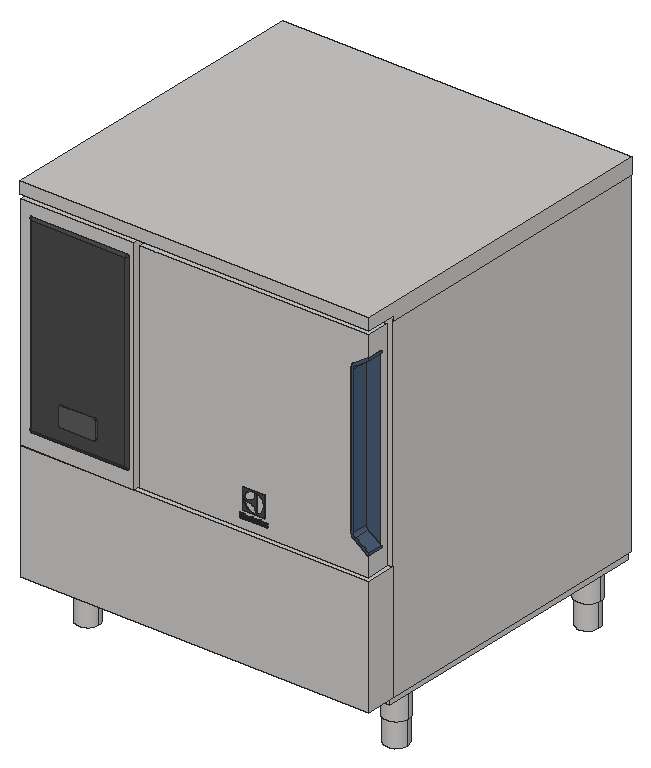
Revit family "QF_ELECTROLUXPROFESSIONAL_727905_EBFA61THE", category Specialty Equipment, Revit 2018 (continued)
Automatic sketch dimensions
  Split face 50 sketch curve to Extrusion 6 = 47.731 mm
  Split face 50 sketch curve to Split face 50 sketch curve = 110.015 mm
  Split face 51 sketch curve to Extrusion 6 = 43.286 mm
  Split face 51 sketch curve to Extrusion 6 = 377.596 mm
  Split face 51 sketch curve to Extrusion 6 = 38.259 mm
  Split face 51 sketch curve to Split face 51 sketch curve = 110.015 mm
  Split face 52 sketch curve to Extrusion 6 = 33.814 mm
  Split face 52 sketch curve to Extrusion 6 = 377.596 mm
  Split face 52 sketch curve to Extrusion 6 = 28.787 mm
  Split face 52 sketch curve to Split face 52 sketch curve = 110.015 mm
  Split face 53 sketch curve to Extrusion 6 = 31.361 mm
  Split face 53 sketch curve to Extrusion 6 = 262.581 mm
  Split face 53 sketch curve to Extrusion 6 = 36.388 mm
  Split face 53 sketch curve to Split face 53 sketch curve = 110.015 mm
  Split face 54 sketch curve to Extrusion 6 = 40.833 mm
  Split face 54 sketch curve to Extrusion 6 = 262.581 mm
  Split face 54 sketch curve to Extrusion 6 = 45.86 mm
  Split face 54 sketch curve to Split face 54 sketch curve = 110.015 mm
  Split face 55 sketch curve to Extrusion 6 = 50.305 mm
  Split face 55 sketch curve to Extrusion 6 = 262.581 mm
  Split face 55 sketch curve to Split face 55 sketch curve = 110.015 mm
  Split face 55 sketch curve to Split face 55 sketch curve = 5.027 mm
  Split face 56 sketch curve to Extrusion 6 = 59.777 mm
  Split face 56 sketch curve to Extrusion 6 = 262.581 mm
  Split face 56 sketch curve to Split face 56 sketch curve = 110.015 mm
  Split face 56 sketch curve to Split face 56 sketch curve = 5.027 mm
  Split face 57 sketch curve to Extrusion 6 = 69.25 mm
  Split face 57 sketch curve to Extrusion 6 = 262.581 mm
  Split face 57 sketch curve to Split face 57 sketch curve = 110.015 mm
  Split face 57 sketch curve to Split face 57 sketch curve = 5.027 mm
  Split face 58 sketch curve to Extrusion 6 = 78.722 mm
  Split face 58 sketch curve to Extrusion 6 = 262.581 mm
  Split face 58 sketch curve to Split face 58 sketch curve = 110.015 mm
  Split face 58 sketch curve to Split face 58 sketch curve = 5.027 mm
  Split face 59 sketch curve to Extrusion 6 = 88.194 mm
  Split face 59 sketch curve to Extrusion 6 = 262.581 mm
  Split face 59 sketch curve to Split face 59 sketch curve = 110.015 mm
  Split face 59 sketch curve to Split face 59 sketch curve = 5.027 mm
  Split face 60 sketch curve to Extrusion 6 = 97.666 mm
  Split face 60 sketch curve to Extrusion 6 = 262.581 mm
  Split face 60 sketch curve to Split face 60 sketch curve = 110.015 mm
  Split face 60 sketch curve to Split face 60 sketch curve = 5.027 mm
  Split face 61 sketch curve to Extrusion 6 = 107.138 mm
  Split face 61 sketch curve to Extrusion 6 = 262.581 mm
  Split face 61 sketch curve to Split face 61 sketch curve = 110.015 mm
  Split face 61 sketch curve to Split face 61 sketch curve = 5.027 mm
  Split face 62 sketch curve to Extrusion 6 = 116.611 mm
  Split face 62 sketch curve to Extrusion 6 = 262.581 mm
  Split face 62 sketch curve to Split face 62 sketch curve = 110.015 mm
  Split face 62 sketch curve to Split face 62 sketch curve = 5.027 mm
  Split face 63 sketch curve to Extrusion 6 = 126.083 mm
  Split face 63 sketch curve to Extrusion 6 = 262.581 mm
  Split face 63 sketch curve to Split face 63 sketch curve = 110.015 mm
  Split face 63 sketch curve to Split face 63 sketch curve = 5.027 mm
  Split face 64 sketch curve to Extrusion 6 = 262.581 mm
  Split face 64 sketch curve to Split face 64 sketch curve = 110.015 mm
  Split face 64 sketch curve to Extrusion 6 = 135.555 mm
  Split face 64 sketch curve to Split face 64 sketch curve = 5.027 mm
  Split face 65 sketch curve to Extrusion 6 = 262.581 mm
  Split face 65 sketch curve to Split face 65 sketch curve = 110.015 mm
  Split face 65 sketch curve to Extrusion 6 = 145.027 mm
  Split face 65 sketch curve to Split face 65 sketch curve = 5.027 mm
  Split face 66 sketch curve to Extrusion 6 = 262.581 mm
  Split face 66 sketch curve to Split face 66 sketch curve = 110.015 mm
  Split face 66 sketch curve to Extrusion 6 = 147.48 mm
  Split face 66 sketch curve to Split face 66 sketch curve = 5.027 mm
  Split face 67 sketch curve to Extrusion 6 = 262.581 mm
  Split face 67 sketch curve to Split face 67 sketch curve = 110.015 mm
  Split face 67 sketch curve to Extrusion 6 = 138.008 mm
  Split face 67 sketch curve to Split face 67 sketch curve = 5.027 mm
  Split face 68 sketch curve to Extrusion 6 = 128.536 mm
  Split face 68 sketch curve to Extrusion 6 = 262.581 mm
  Split face 68 sketch curve to Split face 68 sketch curve = 110.015 mm
  Split face 68 sketch curve to Split face 68 sketch curve = 5.027 mm
  Split face 69 sketch curve to Extrusion 6 = 119.064 mm
  Split face 69 sketch curve to Extrusion 6 = 262.581 mm
  Split face 69 sketch curve to Split face 69 sketch curve = 110.015 mm
  Split face 69 sketch curve to Split face 69 sketch curve = 5.027 mm
  Split face 70 sketch curve to Extrusion 6 = 109.592 mm
  Split face 70 sketch curve to Extrusion 6 = 262.581 mm
  Split face 70 sketch curve to Split face 70 sketch curve = 110.015 mm
  Split face 70 sketch curve to Split face 70 sketch curve = 5.027 mm
  Split face 71 sketch curve to Extrusion 6 = 100.119 mm
  Split face 71 sketch curve to Extrusion 6 = 262.581 mm
  Split face 71 sketch curve to Split face 71 sketch curve = 110.015 mm
  Split face 71 sketch curve to Split face 71 sketch curve = 5.027 mm
  Split face 72 sketch curve to Extrusion 6 = 90.647 mm
  Split face 72 sketch curve to Extrusion 6 = 262.581 mm
  Split face 72 sketch curve to Split face 72 sketch curve = 110.015 mm
  Split face 72 sketch curve to Split face 72 sketch curve = 5.027 mm
  Split face 73 sketch curve to Extrusion 6 = 81.175 mm
  Split face 73 sketch curve to Extrusion 6 = 262.581 mm
  Split face 73 sketch curve to Split face 73 sketch curve = 110.015 mm
  Split face 73 sketch curve to Split face 73 sketch curve = 5.027 mm
  Split face 74 sketch curve to Extrusion 6 = 71.703 mm
  Split face 74 sketch curve to Extrusion 6 = 262.581 mm
  Split face 74 sketch curve to Split face 74 sketch curve = 110.015 mm
  Split face 74 sketch curve to Split face 74 sketch curve = 5.027 mm
  Split face 75 sketch curve to Extrusion 6 = 62.231 mm
  Split face 75 sketch curve to Extrusion 6 = 262.581 mm
  Split face 75 sketch curve to Split face 75 sketch curve = 110.015 mm
  Split face 75 sketch curve to Split face 75 sketch curve = 5.027 mm
  Split face 76 sketch curve to Extrusion 6 = 52.758 mm
  Split face 76 sketch curve to Extrusion 6 = 262.581 mm
  Split face 76 sketch curve to Extrusion 6 = 47.731 mm
  Split face 76 sketch curve to Split face 76 sketch curve = 110.015 mm
  Split face 77 sketch curve to Extrusion 6 = 43.286 mm
  Split face 77 sketch curve to Extrusion 6 = 262.581 mm
  Split face 77 sketch curve to Extrusion 6 = 38.259 mm
  Split face 77 sketch curve to Split face 77 sketch curve = 110.015 mm
  Split face 78 sketch curve to Extrusion 6 = 33.814 mm
  Split face 78 sketch curve to Extrusion 6 = 262.581 mm
  Split face 78 sketch curve to Extrusion 6 = 28.787 mm
  Split face 78 sketch curve to Split face 78 sketch curve = 110.015 mm
  Split face 79 sketch curve to Extrusion 6 = 31.361 mm
  Split face 79 sketch curve to Extrusion 6 = 147.565 mm
  Split face 79 sketch curve to Extrusion 6 = 36.388 mm
  Split face 79 sketch curve to Split face 79 sketch curve = 110.015 mm
  Split face 80 sketch curve to Extrusion 6 = 40.833 mm
  Split face 80 sketch curve to Extrusion 6 = 147.565 mm
  Split face 80 sketch curve to Extrusion 6 = 45.86 mm
  Split face 80 sketch curve to Split face 80 sketch curve = 110.015 mm
  Split face 81 sketch curve to Extrusion 6 = 50.305 mm
  Split face 81 sketch curve to Extrusion 6 = 147.565 mm
  Split face 81 sketch curve to Split face 81 sketch curve = 110.015 mm
  Split face 81 sketch curve to Split face 81 sketch curve = 5.027 mm
  Split face 82 sketch curve to Extrusion 6 = 59.777 mm
  Split face 82 sketch curve to Extrusion 6 = 147.565 mm
  Split face 82 sketch curve to Split face 82 sketch curve = 110.015 mm
  Split face 82 sketch curve to Split face 82 sketch curve = 5.027 mm
  Split face 83 sketch curve to Extrusion 6 = 69.25 mm
  Split face 83 sketch curve to Extrusion 6 = 147.565 mm
  Split face 83 sketch curve to Split face 83 sketch curve = 110.015 mm
  Split face 83 sketch curve to Split face 83 sketch curve = 5.027 mm
  Split face 84 sketch curve to Extrusion 6 = 147.565 mm
  Split face 84 sketch curve to Split face 84 sketch curve = 110.015 mm
  Split face 84 sketch curve to Extrusion 6 = 78.722 mm
  Split face 84 sketch curve to Split face 84 sketch curve = 5.027 mm
  Split face 85 sketch curve to Extrusion 6 = 147.565 mm
  Split face 85 sketch curve to Split face 85 sketch curve = 110.015 mm
  Split face 85 sketch curve to Extrusion 6 = 88.194 mm
  Split face 85 sketch curve to Split face 85 sketch curve = 5.027 mm
  Split face 86 sketch curve to Extrusion 6 = 147.565 mm
  Split face 86 sketch curve to Split face 86 sketch curve = 110.015 mm
  Split face 86 sketch curve to Extrusion 6 = 97.666 mm
  Split face 86 sketch curve to Split face 86 sketch curve = 5.027 mm
  Split face 87 sketch curve to Extrusion 6 = 147.565 mm
  Split face 87 sketch curve to Split face 87 sketch curve = 110.015 mm
  Split face 87 sketch curve to Extrusion 6 = 107.138 mm
  Split face 87 sketch curve to Split face 87 sketch curve = 5.027 mm
  Split face 88 sketch curve to Extrusion 6 = 147.565 mm
  Split face 88 sketch curve to Split face 88 sketch curve = 110.015 mm
  Split face 88 sketch curve to Extrusion 6 = 116.611 mm
  Split face 88 sketch curve to Split face 88 sketch curve = 5.027 mm
  Split face 89 sketch curve to Extrusion 6 = 147.565 mm
  Split face 89 sketch curve to Split face 89 sketch curve = 110.015 mm
  Split face 89 sketch curve to Extrusion 6 = 126.083 mm
  Split face 89 sketch curve to Split face 89 sketch curve = 5.027 mm
  Split face 90 sketch curve to Extrusion 6 = 147.565 mm
  Split face 90 sketch curve to Split face 90 sketch curve = 110.015 mm
  Split face 90 sketch curve to Extrusion 6 = 135.555 mm
  Split face 90 sketch curve to Split face 90 sketch curve = 5.027 mm
  Split face 91 sketch curve to Extrusion 6 = 147.565 mm
  Split face 91 sketch curve to Split face 91 sketch curve = 110.015 mm
  Split face 91 sketch curve to Extrusion 6 = 145.027 mm
  Split face 91 sketch curve to Split face 91 sketch curve = 5.027 mm
  Split face 92 sketch curve to Extrusion 6 = 147.565 mm
  Split face 92 sketch curve to Split face 92 sketch curve = 110.015 mm
  Split face 92 sketch curve to Extrusion 6 = 147.48 mm
  Split face 92 sketch curve to Split face 92 sketch curve = 5.027 mm
  Split face 93 sketch curve to Extrusion 6 = 147.565 mm
  Split face 93 sketch curve to Split face 93 sketch curve = 110.015 mm
  Split face 93 sketch curve to Extrusion 6 = 138.008 mm
  Split face 93 sketch curve to Split face 93 sketch curve = 5.027 mm
  Split face 94 sketch curve to Extrusion 6 = 147.565 mm
  Split face 94 sketch curve to Split face 94 sketch curve = 110.015 mm
  Split face 94 sketch curve to Extrusion 6 = 128.536 mm
  Split face 94 sketch curve to Split face 94 sketch curve = 5.027 mm
  Split face 95 sketch curve to Extrusion 6 = 147.565 mm
  Split face 95 sketch curve to Split face 95 sketch curve = 110.015 mm
  Split face 95 sketch curve to Extrusion 6 = 119.064 mm
  Split face 95 sketch curve to Split face 95 sketch curve = 5.027 mm
  Split face 96 sketch curve to Extrusion 6 = 147.565 mm
  Split face 96 sketch curve to Split face 96 sketch curve = 110.015 mm
  Split face 96 sketch curve to Extrusion 6 = 109.592 mm
  Split face 96 sketch curve to Split face 96 sketch curve = 5.027 mm
  Split face 97 sketch curve to Extrusion 6 = 147.565 mm
  Split face 97 sketch curve to Split face 97 sketch curve = 110.015 mm
  Split face 97 sketch curve to Extrusion 6 = 100.119 mm
  Split face 97 sketch curve to Split face 97 sketch curve = 5.027 mm
  Split face 98 sketch curve to Extrusion 6 = 147.565 mm
  Split face 98 sketch curve to Split face 98 sketch curve = 110.015 mm
  Split face 98 sketch curve to Extrusion 6 = 90.647 mm
  Split face 98 sketch curve to Split face 98 sketch curve = 5.027 mm
  Split face 99 sketch curve to Extrusion 6 = 147.565 mm
  Split face 99 sketch curve to Split face 99 sketch curve = 110.015 mm
  Split face 99 sketch curve to Extrusion 6 = 81.175 mm
  Split face 99 sketch curve to Split face 99 sketch curve = 5.027 mm
  Split face 100 sketch curve to Extrusion 6 = 71.703 mm
  Split face 100 sketch curve to Extrusion 6 = 147.565 mm
  Split face 100 sketch curve to Split face 100 sketch curve = 110.015 mm
  Split face 100 sketch curve to Split face 100 sketch curve = 5.027 mm
  Split face 101 sketch curve to Extrusion 6 = 62.231 mm
  Split face 101 sketch curve to Extrusion 6 = 147.565 mm
  Split face 101 sketch curve to Split face 101 sketch curve = 110.015 mm
  Split face 101 sketch curve to Split face 101 sketch curve = 5.027 mm
  Split face 102 sketch curve to Extrusion 6 = 52.758 mm
  Split face 102 sketch curve to Extrusion 6 = 147.565 mm
  Split face 102 sketch curve to Extrusion 6 = 47.731 mm
  Split face 102 sketch curve to Split face 102 sketch curve = 110.015 mm
  Split face 103 sketch curve to Extrusion 6 = 43.286 mm
  Split face 103 sketch curve to Extrusion 6 = 147.565 mm
  Split face 103 sketch curve to Extrusion 6 = 38.259 mm
  Split face 103 sketch curve to Split face 103 sketch curve = 110.015 mm
  Split face 104 sketch curve to Extrusion 6 = 33.814 mm
  Split face 104 sketch curve to Extrusion 6 = 147.565 mm
  Split face 104 sketch curve to Extrusion 6 = 28.787 mm
  Split face 104 sketch curve to Split face 104 sketch curve = 110.015 mm
  Split face 105 sketch curve to Extrusion 6 = 32.55 mm
  Split face 105 sketch curve to Extrusion 6 = 36.388 mm
  Split face 105 sketch curve to Split face 105 sketch curve = 110.015 mm
  Split face 105 sketch curve to Split face 105 sketch curve = 5.027 mm
  Split face 106 sketch curve to Extrusion 6 = 32.55 mm
  Split face 106 sketch curve to Extrusion 6 = 45.86 mm
  Split face 106 sketch curve to Split face 106 sketch curve = 110.015 mm
  Split face 106 sketch curve to Split face 106 sketch curve = 5.027 mm
  Split face 107 sketch curve to Extrusion 6 = 32.55 mm
  Split face 107 sketch curve to Split face 107 sketch curve = 110.015 mm
  Split face 107 sketch curve to Extrusion 6 = 50.305 mm
  Split face 107 sketch curve to Split face 107 sketch curve = 5.027 mm
  Split face 108 sketch curve to Extrusion 6 = 32.55 mm
  Split face 108 sketch curve to Split face 108 sketch curve = 110.015 mm
  Split face 108 sketch curve to Extrusion 6 = 59.777 mm
  Split face 108 sketch curve to Split face 108 sketch curve = 5.027 mm
  Split face 109 sketch curve to Extrusion 6 = 32.55 mm
  Split face 109 sketch curve to Split face 109 sketch curve = 110.015 mm
  Split face 109 sketch curve to Extrusion 6 = 69.25 mm
  Split face 109 sketch curve to Split face 109 sketch curve = 5.027 mm
  Split face 110 sketch curve to Extrusion 6 = 32.55 mm
  Split face 110 sketch curve to Split face 110 sketch curve = 110.015 mm
  Split face 110 sketch curve to Extrusion 6 = 78.722 mm
  Split face 110 sketch curve to Split face 110 sketch curve = 5.027 mm
  Split face 111 sketch curve to Extrusion 6 = 32.55 mm
  Split face 111 sketch curve to Split face 111 sketch curve = 110.015 mm
  Split face 111 sketch curve to Extrusion 6 = 88.194 mm
  Split face 111 sketch curve to Split face 111 sketch curve = 5.027 mm
  Split face 112 sketch curve to Extrusion 6 = 32.55 mm
  Split face 112 sketch curve to Split face 112 sketch curve = 110.015 mm
  Split face 112 sketch curve to Extrusion 6 = 97.666 mm
  Split face 112 sketch curve to Split face 112 sketch curve = 5.027 mm
  Split face 113 sketch curve to Extrusion 6 = 32.55 mm
  Split face 113 sketch curve to Split face 113 sketch curve = 110.015 mm
  Split face 113 sketch curve to Extrusion 6 = 107.138 mm
  Split face 113 sketch curve to Split face 113 sketch curve = 5.027 mm
  Split face 114 sketch curve to Extrusion 6 = 32.55 mm
  Split face 114 sketch curve to Split face 114 sketch curve = 110.015 mm
  Split face 114 sketch curve to Extrusion 6 = 116.611 mm
  Split face 114 sketch curve to Split face 114 sketch curve = 5.027 mm
  Split face 115 sketch curve to Extrusion 6 = 32.55 mm
  Split face 115 sketch curve to Split face 115 sketch curve = 110.015 mm
  Split face 115 sketch curve to Extrusion 6 = 126.083 mm
  Split face 115 sketch curve to Split face 115 sketch curve = 5.027 mm
  Split face 116 sketch curve to Extrusion 6 = 32.55 mm
  Split face 116 sketch curve to Split face 116 sketch curve = 110.015 mm
  Split face 116 sketch curve to Extrusion 6 = 135.555 mm
  Split face 116 sketch curve to Split face 116 sketch curve = 5.027 mm
  Split face 117 sketch curve to Extrusion 6 = 32.55 mm
  Split face 117 sketch curve to Split face 117 sketch curve = 110.015 mm
  Split face 117 sketch curve to Extrusion 6 = 145.027 mm
  Split face 117 sketch curve to Split face 117 sketch curve = 5.027 mm
  Split face 118 sketch curve to Extrusion 6 = 32.55 mm
  Split face 118 sketch curve to Split face 118 sketch curve = 110.015 mm
  Split face 118 sketch curve to Extrusion 6 = 147.48 mm
  Split face 118 sketch curve to Split face 118 sketch curve = 5.027 mm
  Split face 119 sketch curve to Extrusion 6 = 32.55 mm
  Split face 119 sketch curve to Split face 119 sketch curve = 110.015 mm
  Split face 119 sketch curve to Extrusion 6 = 138.008 mm
  Split face 119 sketch curve to Split face 119 sketch curve = 5.027 mm
  Split face 120 sketch curve to Extrusion 6 = 32.55 mm
  Split face 120 sketch curve to Split face 120 sketch curve = 110.015 mm
  Split face 120 sketch curve to Extrusion 6 = 128.536 mm
  Split face 120 sketch curve to Split face 120 sketch curve = 5.027 mm
  Split face 121 sketch curve to Extrusion 6 = 32.55 mm
  Split face 121 sketch curve to Split face 121 sketch curve = 110.015 mm
  Split face 121 sketch curve to Extrusion 6 = 119.064 mm
  Split face 121 sketch curve to Split face 121 sketch curve = 5.027 mm
  Split face 122 sketch curve to Extrusion 6 = 32.55 mm
  Split face 122 sketch curve to Split face 122 sketch curve = 110.015 mm
  Split face 122 sketch curve to Extrusion 6 = 109.592 mm
  Split face 122 sketch curve to Split face 122 sketch curve = 5.027 mm
  Split face 123 sketch curve to Extrusion 6 = 32.55 mm
  Split face 123 sketch curve to Split face 123 sketch curve = 110.015 mm
  Split face 123 sketch curve to Extrusion 6 = 100.119 mm
  Split face 123 sketch curve to Split face 123 sketch curve = 5.027 mm
  Split face 124 sketch curve to Extrusion 6 = 32.55 mm
  Split face 124 sketch curve to Split face 124 sketch curve = 110.015 mm
  Split face 124 sketch curve to Extrusion 6 = 90.647 mm
  Split face 124 sketch curve to Split face 124 sketch curve = 5.027 mm
  Split face 125 sketch curve to Extrusion 6 = 32.55 mm
  Split face 125 sketch curve to Split face 125 sketch curve = 110.015 mm
  Split face 125 sketch curve to Extrusion 6 = 81.175 mm
  Split face 125 sketch curve to Split face 125 sketch curve = 5.027 mm
  Split face 126 sketch curve to Extrusion 6 = 32.55 mm
  Split face 126 sketch curve to Split face 126 sketch curve = 110.015 mm
  Split face 126 sketch curve to Extrusion 6 = 71.703 mm
  Split face 126 sketch curve to Split face 126 sketch curve = 5.027 mm
  Split face 127 sketch curve to Extrusion 6 = 32.55 mm
  Split face 127 sketch curve to Split face 127 sketch curve = 110.015 mm
  Split face 127 sketch curve to Extrusion 6 = 62.231 mm
  Split face 127 sketch curve to Split face 127 sketch curve = 5.027 mm
  Split face 128 sketch curve to Extrusion 6 = 32.55 mm
  Split face 128 sketch curve to Extrusion 6 = 47.731 mm
  Split face 128 sketch curve to Split face 128 sketch curve = 110.015 mm
  Split face 128 sketch curve to Split face 128 sketch curve = 5.027 mm
  Split face 129 sketch curve to Extrusion 6 = 32.55 mm
  Split face 129 sketch curve to Extrusion 6 = 38.259 mm
  Split face 129 sketch curve to Split face 129 sketch curve = 110.015 mm
  Split face 129 sketch curve to Split face 129 sketch curve = 5.027 mm
  Split face 130 sketch curve to Extrusion 6 = 32.55 mm
  Split face 130 sketch curve to Extrusion 6 = 28.787 mm
  Split face 130 sketch curve to Split face 130 sketch curve = 110.015 mm
  Split face 130 sketch curve to Split face 130 sketch curve = 5.027 mm
  Extrusion 10 sketch curve to plane 5 "BACK" = 0 mm  (x2)
  Extrusion 10 sketch curve to plane 15 = 0 mm  (x2)
  Extrusion 10 sketch curve to plane 3 "Center Y" = 141.58 mm
  Extrusion 10 sketch curve to Extrusion 10 sketch curve = 1.631 mm  (x2)
  Extrusion 10 sketch curve to Extrusion 10 sketch curve = 9.723 mm
  plane 10 to Extrusion 10 sketch curve = 80.967 mm
  plane 10 to Extrusion 10 sketch curve = 72.875 mm
  Extrusion 11 sketch curve to plane 14 = 0.005 mm
  Extrusion 11 sketch curve to plane 3 "Center Y" = 139.7 mm
  plane 12 to Extrusion 11 sketch curve = 6.255 mm
  plane 12 to Extrusion 11 sketch curve = 14.741 mm
  plane 12 to Extrusion 11 sketch curve = 15.205 mm
  Extrusion 11 sketch curve to Extrusion 11 sketch curve = 10.513 mm
  Extrusion 11 sketch curve to Extrusion 11 sketch curve = 20 mm
  Extrusion 11 sketch curve to plane 6 "RIGHT" = 1.005 mm  (x2)
  Extrusion 11 sketch curve to Extrusion 11 sketch curve = 51.135 mm
  Extrusion 11 sketch curve to Extrusion 11 sketch curve = 24.082 mm
  Extrusion 11 sketch curve to Extrusion 11 sketch curve = 374.913 mm
  Extrusion 11 sketch curve to Extrusion 11 sketch curve = 23.723 mm
  plane 8 to Extrusion 11 sketch curve = 332.497 mm
  Extrusion 12 sketch curve to Extrusion 11 = 0 mm  (x8)
  Extrusion 11 to Extrusion 12 sketch curve = 8.487 mm
  Extrusion 11 to Extrusion 12 sketch curve = 8.95 mm
  Extrusion 12 sketch curve to Extrusion 12 sketch curve = 20 mm
  Extrusion 13 sketch curve to Extrusion 13 sketch curve = 0 mm  (x2)
  Extrusion 13 sketch curve to Extrusion 11 = 0 mm  (x5)
  Extrusion 11 to Extrusion 13 sketch curve = 2.5 mm
  Extrusion 13 sketch curve to Extrusion 13 sketch curve = 2.5 mm
  Extrusion 13 sketch curve to Extrusion 13 sketch curve = 13.5 mm
  Extrusion 11 to Extrusion 13 sketch curve = 12.541 mm
  Extrusion 13 sketch curve to Extrusion 13 sketch curve = 5.583 mm
  Extrusion 13 sketch curve to Extrusion 13 sketch curve = 3.591 mm
  Extrusion 13 sketch curve to Extrusion 13 sketch curve = 3.597 mm
  Extrusion 13 sketch curve to Extrusion 13 sketch curve = 6.143 mm
  Extrusion 13 sketch curve to Extrusion 13 sketch curve = 6.141 mm
  Extrusion 14 sketch curve to plane 7 "FRONT" = 0 mm
  plane 16 to Extrusion 14 sketch curve = 47.24 mm
  Extrusion 14 sketch curve to Extrusion 14 sketch curve = 8.487 mm
  Extrusion 14 sketch curve to Extrusion 14 sketch curve = 8.95 mm
  Extrusion 14 sketch curve to Extrusion 14 sketch curve = 19 mm
  Extrusion 14 sketch curve to Extrusion 14 sketch curve = 20 mm
  plane 16 to Extrusion 14 sketch curve = 2.5 mm  (x2)
  Extrusion 14 sketch curve to plane 14 = 0.005 mm
  Extrusion 14 sketch curve to Extrusion 14 sketch curve = 51.135 mm
  Extrusion 14 sketch curve to Extrusion 14 sketch curve = 24.082 mm
  Extrusion 14 sketch curve to Extrusion 14 sketch curve = 374.913 mm
  Extrusion 14 sketch curve to Extrusion 14 sketch curve = 23.723 mm
  plane 8 to Extrusion 14 sketch curve = 332.497 mm
  Extrusion 15 sketch curve to Extrusion 14 = 0 mm  (x8)
  Extrusion 14 to Extrusion 15 sketch curve = 8.487 mm
  Extrusion 14 to Extrusion 15 sketch curve = 8.95 mm
  Extrusion 15 sketch curve to Extrusion 15 sketch curve = 11.05 mm
  Extrusion 16 sketch curve to Extrusion 16 sketch curve = 0 mm  (x2)
  Extrusion 16 sketch curve to Extrusion 14 = 0 mm  (x4)
  Extrusion 14 to Extrusion 16 sketch curve = 0 mm
  Extrusion 14 to Extrusion 16 sketch curve = 2.5 mm  (x2)
  Extrusion 16 sketch curve to Extrusion 16 sketch curve = 13.5 mm
  Extrusion 14 to Extrusion 16 sketch curve = 12.541 mm
  Extrusion 16 sketch curve to Extrusion 16 sketch curve = 5.583 mm
  Extrusion 16 sketch curve to Extrusion 16 sketch curve = 3.591 mm
  Extrusion 16 sketch curve to Extrusion 16 sketch curve = 3.597 mm
  Extrusion 16 sketch curve to Extrusion 16 sketch curve = 6.143 mm
  Extrusion 16 sketch curve to Extrusion 16 sketch curve = 6.141 mm
  Extrusion 17 sketch curve to plane 7 "FRONT" = 0 mm
  plane 7 "FRONT" to Extrusion 17 sketch curve = 16.966 mm
  Extrusion 17 sketch curve to plane 3 "Center Y" = 119.677 mm
  Extrusion 17 sketch curve to Extrusion 17 sketch curve = 32.971 mm
  Extrusion 17 sketch curve to plane 6 "RIGHT" = 1.005 mm
  radius of Extrusion 4 sketch curve = 10.5 mm
  radius of Extrusion 9 sketch curve = 9.5 mm
  radius of Extrusion 12 sketch curve to Extrusion 11 = 0 mm
  radius of Extrusion 13 sketch curve to Extrusion 11 = 0 mm
  radius of Extrusion 13 sketch curve to Extrusion 11 = 6.5 mm
  radius of Extrusion 15 sketch curve to Extrusion 14 = 0 mm
  radius of Extrusion 16 sketch curve to Extrusion 14 = 0 mm
  radius of Extrusion 16 sketch curve to Extrusion 14 = 6.5 mm
Nested families
  nested 1: "Foot_Complete" at (-708, -142.149, 0), type "Foot_Complete"
    with H 130 mm
  nested 2: "Foot_Complete" at (85, -142.149, 0), type "Foot_Complete"
    with H 130 mm
  nested 3: "Foot_Complete" at (85, 473.851, 0), type "Foot_Complete"
    with H 130 mm
  nested 4: "Foot_Complete" at (-708, 473.851, 0), type "Foot_Complete"
    with H 130 mm
  nested 5: "ELX_Touch" at (-606.5, -295.149, 741.265) x (1, 0, 0) z (0, -1, 0), type "ELX_Touch"
  nested 6: "ELX_Logo_S_New" at (-157.603, -295.149, 492.497) x (1, 0, 0) z (0, -1, 0), visible <- "Show Logo", type "ELX_Logo_S_New"
    with M QF_Finishes_Black
  nested 7: "ELX_Logo_Symbol" at (-157.603, -295.149, 532.497) x (-1, 0, 0) z (0, -1, 0), visible <- "Show Logo", type "ELX_Logo_Symbol"
    with M QF_Finishes_Black
Connectors
  electrical at (-696, 577.851, 258), driven by "Volts"
    settings: on Extrusion 4, index 5, voltage 380 V, apparent load 0 VA, apparent load phase1 0 VA, apparent load phase2 0 VA, apparent load phase3 0 VA, power factor 1, load classification "Altro", number of poles 1, system type 30, power factor state 1, is connector primary yes, connector utility no, sub classification motor no, connector description "Electrical Connection"
  piping at (-360, 215.851, 98.32), diameter 19
    settings: on cut or joined group of Extrusion 1, Extrusion 2, Extrusion 3, Extrusion 4, Extrusion 7, Extrusion 8, Extrusion 9, Extrusion 10, index 6, connector inside diameter 609.6 mm, connector length 0 mm, flow factor 0, pipe flow 0.0 L/s, pressure drop 0.0 Pa, fitting loss kfactor 0, connector angle 0.00°, fixture units 0, engagement length 0 mm, angle of deflection 0.00°, flow configuration 1, flow direction 2, fitting loss method 0, system type 16, joint type 0, gender type 0, connector reference index -1, connector utility 0, adjustable connector no, is connector primary yes, connector description "Drain"
Definition of nested family "Foot_Complete"
  Parameters
    R = 32 mm
    H = 150 mm
  Reference planes
    plane 1 "Centro (Fronte/Retro)": y = 0
    plane 2: z = 0
    plane 3 "Centro (Sinistra/Destra)": x = 0
    plane 4: z = 150
  Forms (mm)
    Revolve 1, solid
      sketch origin (255.05, 0, 608.09) x (0, 0, 1) y (-1, 0, 0)
        loop
          line (-608.09, 255.05) -> (-608.09, 226.55) -> (-544.09, 226.55) -> (-544.09, 223.05) -> (-458.09, 223.05) -> (-458.09, 255.05) -> (-608.09, 255.05)
        axis (-608.09, 255.05) -> (-458.09, 255.05)
      angle from 0 to 360
  Dimensions and locks
    locked: level to Revolve 1 sketch curve at 64
    "R": Revolve 1 sketch curve to plane 3 "Centro (Sinistra/Destra)"
    "H": plane 4 to level
    aligned and locked: level to plane 2
    aligned and locked: plane 4 to Revolve 1 sketch curve
    aligned and locked: Revolve 1 sketch curve to level
    aligned and locked: plane 3 "Centro (Sinistra/Destra)" to Revolve 1 sketch curve
  Automatic sketch dimensions
    Revolve 1 sketch curve to plane 3 "Centro (Sinistra/Destra)" = 0 mm
    plane 3 "Centro (Sinistra/Destra)" to Revolve 1 sketch curve = 28.5 mm
    Revolve 1 sketch curve to Revolve 1 sketch curve = 50 mm
    Revolve 1 sketch curve to Revolve 1 sketch curve = 20 mm
Definition of nested family "ELX_Touch"
  Parameters
    Default Elevation = 1219.2 mm
  Reference planes
    plane 1 "Centro (Fronte/Retro)": y = 0
    plane 2: z = 0
    plane 3 "Centro (Sinistra/Destra)": x = 0
  Forms (mm)
    Extrusion 1, solid
      sketch origin (0, 0, 0) x (1, 0, 0) y (0, 1, 0)
        loop
          line (-1219.2, 1219.2) -> (-1219.2, -1219.2) -> (1219.2, -1219.2) -> (1219.2, 1219.2) -> (-1219.2, 1219.2)
      from 0 to -304.8
    Extrusion 2, solid
      sketch origin (0, 0, 5) x (1, 0, 0) y (0, 1, 0)
        loop
          line (-47, -160) -> (-47, -202)
          arc (-47, -202) -> (-45.536, -205.535) -> (-42, -207) r 5
          line (-42, -207) -> (42, -207)
          arc (42, -207) -> (45.536, -205.535) -> (47, -202) r 5
          line (47, -202) -> (47, -160)
          arc (47, -160) -> (45.536, -156.465) -> (42, -155) r 5
          line (42, -155) -> (-42, -155)
          arc (-42, -155) -> (-45.536, -156.465) -> (-47, -160) r 5
      from 0 to 2
    Blend 3, solid
      base sketch origin (0, 0, 0) x (1, 0, 0) y (0, 1, 0)
        loop
          line (-127, 244) -> (-127, -244)
          arc (-127, -244) -> (-125.536, -247.536) -> (-122, -249) r 5
          line (-122, -249) -> (122, -249)
          arc (122, -249) -> (125.536, -247.536) -> (127, -244) r 5
          line (127, -244) -> (127, 244)
          arc (127, 244) -> (125.536, 247.536) -> (122, 249) r 5
          line (122, 249) -> (-122, 249)
          arc (-122, 249) -> (-125.536, 247.536) -> (-127, 244) r 5
      top sketch origin (0, 0, 0) x (1, 0, 0) y (0, 1, 0)
        loop
          line (-119, -241) -> (119, -241) -> (119, 241) -> (-119, 241) -> (-119, -241)
      from 0 to 5
  Lines and regions (mm)
    Split face 1
      outline origin (0, 0, 5) x (1, 0, 0) y (0, 1, 0)
        loop
          line (-70.506, 46.167) -> (70.506, 46.167) -> (70.506, 214.829) -> (-70.506, 214.829) -> (-70.506, 46.167)
    Split face 2
      outline origin (0, 0, 5) x (1, 0, 0) y (0, 1, 0)
        loop
          line (-47.467, 50.825) -> (47.467, 50.825) -> (47.467, 210.171) -> (-47.467, 210.171) -> (-47.467, 50.825)
    Split face 3
      outline origin (0, 0, 5) x (1, 0, 0) y (0, 1, 0)
        loop
          line (-70.521, -215.33) -> (70.521, -215.33) -> (70.521, -146.67) -> (-70.521, -146.67) -> (-70.521, -215.33)
    Split face 4
      outline origin (0, 0, 5) x (1, 0, 0) y (0, 1, 0)
        loop
          line (-119, 201.163) -> (-70.506, 201.163)
        loop
          line (70.506, 201.163) -> (119, 201.163)
        loop
          line (70.521, -200.849) -> (119, -200.849)
        loop
          line (-119, -200.849) -> (-70.521, -200.849)
  Dimensions and locks
    aligned and locked: plane 2 to Extrusion 1
    aligned and locked: level to Extrusion 1
Definition of nested family "ELX_Logo_S_New"
  Parameters
    Default Elevation = 0 mm
    M [instance] = none
  Reference planes
    plane 1 "Centro (Fronte/Retro)": y = 0
    plane 2: z = 0
    plane 3 "Centro (Sinistra/Destra)": x = 0
  Forms (mm)
    Extrusion 1, solid
      sketch origin (0, 0, 0) x (1, 0, 0) y (0, 1, 0)
        loop
          line (-1219.2, 1219.2) -> (-1219.2, -1219.2) -> (1219.2, -1219.2) -> (1219.2, 1219.2) -> (-1219.2, 1219.2)
      from 0 to -304.8
    Extrusion 2, solid, material <- "M"
      sketch origin (0, 0, 0) x (1, 0, 0) y (0, 1, 0)
        loop
          spline (-32.537, -4.135) -> (-32.702, -4.128) -> (-32.877, -4.105) -> (-33.059, -4.064) -> (-33.242, -4.002) -> (-33.422, -3.916) -> (-33.593, -3.803) -> (-33.751, -3.66) -> (-33.891, -3.486) -> (-34.008, -3.276) -> (-34.098, -3.029) -> (-34.155, -2.741) -> (-34.176, -2.41)
          line (-34.176, -2.41) -> (-34.176, -0.943) -> (-29.331, -0.943) -> (-29.331, 0.928) -> (-34.176, 0.928) -> (-34.176, 3.652) -> (-29.023, 3.652) -> (-29.023, 5.518) -> (-36.159, 5.518) -> (-36.159, -2.326)
          spline (-36.159, -2.326) -> (-36.142, -2.808) -> (-36.088, -3.263) -> (-35.996, -3.688) -> (-35.867, -4.083) -> (-35.698, -4.445) -> (-35.489, -4.773) -> (-35.239, -5.066) -> (-34.946, -5.322) -> (-34.61, -5.539) -> (-34.23, -5.716) -> (-33.804, -5.851) -> (-33.332, -5.943)
          line (-33.332, -5.943) -> (-32.554, -5.999) -> (-28.885, -5.999) -> (-28.885, -4.135) -> (-32.537, -4.135)
        loop
          line (-27.476, 0.076) -> (-27.476, -6.002) -> (-25.492, -6.002) -> (-25.492, 5.521) -> (-27.476, 5.521) -> (-27.476, 0.076)
        loop
          spline (-15.702, -2.321) -> (-15.689, -1.697) -> (-15.749, -1.094) -> (-15.879, -0.516) -> (-16.078, 0.029) -> (-16.341, 0.538) -> (-16.668, 1.004) -> (-17.055, 1.422) -> (-17.5, 1.786) -> (-17.999, 2.091) -> (-18.552, 2.331) -> (-19.154, 2.5) -> (-19.804, 2.594)
          spline (-19.804, 2.594) -> (-20.422, 2.558) -> (-21.009, 2.453) -> (-21.56, 2.28) -> (-22.072, 2.042) -> (-22.54, 1.743) -> (-22.96, 1.385) -> (-23.327, 0.97) -> (-23.638, 0.502) -> (-23.887, -0.018) -> (-24.07, -0.586) -> (-24.183, -1.2) -> (-24.222, -1.857)
          spline (-24.222, -1.857) -> (-24.184, -2.498) -> (-24.074, -3.097) -> (-23.895, -3.652) -> (-23.651, -4.16) -> (-23.344, -4.618) -> (-22.979, -5.023) -> (-22.559, -5.374) -> (-22.087, -5.667) -> (-21.567, -5.899) -> (-21.003, -6.068) -> (-20.397, -6.172) -> (-19.754, -6.207)
          spline (-19.754, -6.207) -> (-19.44, -6.2) -> (-19.13, -6.176) -> (-18.823, -6.135) -> (-18.52, -6.074) -> (-18.221, -5.993) -> (-17.925, -5.89) -> (-17.634, -5.762) -> (-17.346, -5.609) -> (-17.062, -5.43) -> (-16.782, -5.221) -> (-16.506, -4.983) -> (-16.234, -4.713)
          line (-16.234, -4.713) -> (-17.429, -3.55)
          spline (-17.429, -3.55) -> (-17.587, -3.702) -> (-17.745, -3.841) -> (-17.906, -3.967) -> (-18.07, -4.08) -> (-18.239, -4.181) -> (-18.415, -4.268) -> (-18.599, -4.343) -> (-18.792, -4.404) -> (-18.996, -4.452) -> (-19.213, -4.486) -> (-19.443, -4.506) -> (-19.688, -4.513)
          spline (-19.688, -4.513) -> (-20.047, -4.496) -> (-20.383, -4.443) -> (-20.696, -4.358) -> (-20.984, -4.24) -> (-21.246, -4.092) -> (-21.479, -3.915) -> (-21.683, -3.711) -> (-21.856, -3.48) -> (-21.997, -3.224) -> (-22.104, -2.945) -> (-22.176, -2.643) -> (-22.212, -2.321)
          line (-22.212, -2.321) -> (-15.702, -2.321)
        loop
          spline (-17.695, -0.926) -> (-17.714, -0.681) -> (-17.771, -0.445) -> (-17.861, -0.221) -> (-17.984, -0.01) -> (-18.135, 0.184) -> (-18.314, 0.36) -> (-18.516, 0.516) -> (-18.741, 0.648) -> (-18.984, 0.755) -> (-19.244, 0.834) -> (-19.518, 0.883) -> (-19.804, 0.9)
          spline (-19.804, 0.9) -> (-20.11, 0.884) -> (-20.405, 0.835) -> (-20.686, 0.757) -> (-20.95, 0.652) -> (-21.195, 0.521) -> (-21.419, 0.367) -> (-21.618, 0.192) -> (-21.79, -0.003) -> (-21.934, -0.214) -> (-22.045, -0.439) -> (-22.122, -0.678) -> (-22.162, -0.926)
          line (-22.162, -0.926) -> (-17.695, -0.926)
        loop
          spline (-12.669, -1.807) -> (-12.646, -1.438) -> (-12.58, -1.088) -> (-12.472, -0.759) -> (-12.326, -0.455) -> (-12.145, -0.177) -> (-11.93, 0.072) -> (-11.685, 0.289) -> (-11.412, 0.473) -> (-11.114, 0.62) -> (-10.793, 0.728) -> (-10.453, 0.794) -> (-10.095, 0.817)
          spline (-10.095, 0.817) -> (-9.876, 0.81) -> (-9.665, 0.79) -> (-9.464, 0.756) -> (-9.271, 0.709) -> (-9.086, 0.65) -> (-8.908, 0.578) -> (-8.737, 0.495) -> (-8.572, 0.399) -> (-8.414, 0.292) -> (-8.261, 0.173) -> (-8.113, 0.044) -> (-7.969, -0.096)
          line (-7.969, -0.096) -> (-6.741, 1.183)
          spline (-6.741, 1.183) -> (-6.985, 1.427) -> (-7.237, 1.647) -> (-7.496, 1.843) -> (-7.762, 2.015) -> (-8.034, 2.164) -> (-8.312, 2.291) -> (-8.596, 2.397) -> (-8.886, 2.482) -> (-9.181, 2.546) -> (-9.481, 2.592) -> (-9.786, 2.619) -> (-10.095, 2.627)
          spline (-10.095, 2.627) -> (-10.715, 2.589) -> (-11.308, 2.476) -> (-11.871, 2.294) -> (-12.396, 2.046) -> (-12.88, 1.736) -> (-13.316, 1.369) -> (-13.7, 0.949) -> (-14.026, 0.48) -> (-14.289, -0.035) -> (-14.483, -0.59) -> (-14.604, -1.182) -> (-14.645, -1.807)
          spline (-14.645, -1.807) -> (-14.604, -2.431) -> (-14.483, -3.023) -> (-14.289, -3.578) -> (-14.026, -4.093) -> (-13.7, -4.562) -> (-13.316, -4.983) -> (-12.88, -5.35) -> (-12.396, -5.659) -> (-11.871, -5.907) -> (-11.308, -6.09) -> (-10.715, -6.202) -> (-10.095, -6.24)
          spline (-10.095, -6.24) -> (-9.786, -6.232) -> (-9.481, -6.205) -> (-9.181, -6.16) -> (-8.886, -6.095) -> (-8.596, -6.01) -> (-8.312, -5.904) -> (-8.034, -5.777) -> (-7.762, -5.628) -> (-7.496, -5.456) -> (-7.237, -5.26) -> (-6.985, -5.04) -> (-6.741, -4.796)
          line (-6.741, -4.796) -> (-7.969, -3.517)
          spline (-7.969, -3.517) -> (-8.113, -3.657) -> (-8.261, -3.786) -> (-8.414, -3.905) -> (-8.572, -4.012) -> (-8.737, -4.108) -> (-8.908, -4.192) -> (-9.086, -4.263) -> (-9.271, -4.323) -> (-9.464, -4.369) -> (-9.665, -4.403) -> (-9.876, -4.423) -> (-10.095, -4.43)
          spline (-10.095, -4.43) -> (-10.453, -4.408) -> (-10.793, -4.341) -> (-11.114, -4.233) -> (-11.412, -4.086) -> (-11.685, -3.902) -> (-11.93, -3.685) -> (-12.145, -3.436) -> (-12.326, -3.158) -> (-12.472, -2.854) -> (-12.58, -2.526) -> (-12.646, -2.176) -> (-12.669, -1.807)
        loop
          spline (-1.683, -4.138) -> (-1.858, -4.14) -> (-2.045, -4.127) -> (-2.24, -4.095) -> (-2.438, -4.04) -> (-2.633, -3.959) -> (-2.822, -3.85) -> (-2.998, -3.709) -> (-3.157, -3.533) -> (-3.294, -3.318) -> (-3.404, -3.061) -> (-3.483, -2.76) -> (-3.524, -2.411)
          line (-3.524, -2.411) -> (-3.524, 0.529) -> (-1.72, 0.529) -> (-1.72, 2.331) -> (-3.522, 2.331) -> (-3.522, 5.521) -> (-5.506, 5.521) -> (-5.506, -2.523)
          spline (-5.506, -2.523) -> (-5.463, -2.99) -> (-5.386, -3.429) -> (-5.274, -3.839) -> (-5.126, -4.218) -> (-4.941, -4.564) -> (-4.717, -4.877) -> (-4.455, -5.155) -> (-4.153, -5.396) -> (-3.81, -5.599) -> (-3.425, -5.762) -> (-2.998, -5.884) -> (-2.528, -5.964)
          line (-2.528, -5.964) -> (-1.69, -6.002) -> (-1.683, -4.138)
        loop
          spline (4.991, 2.446) -> (4.648, 2.468) -> (4.318, 2.461) -> (4.001, 2.429) -> (3.699, 2.371) -> (3.413, 2.288) -> (3.142, 2.182) -> (2.89, 2.052) -> (2.655, 1.901) -> (2.439, 1.728) -> (2.244, 1.535) -> (2.069, 1.322) -> (1.917, 1.091)
          line (1.917, 1.091) -> (1.917, 2.33) -> (-0.051, 2.33) -> (-0.051, -6.002) -> (1.917, -6.002) -> (1.917, -1.621)
          spline (1.917, -1.621) -> (1.935, -1.288) -> (1.988, -0.979) -> (2.075, -0.693) -> (2.195, -0.432) -> (2.345, -0.197) -> (2.526, 0.01) -> (2.736, 0.189) -> (2.972, 0.338) -> (3.235, 0.456) -> (3.522, 0.541) -> (3.832, 0.594) -> (4.165, 0.611)
          line (4.165, 0.611) -> (4.991, 0.529) -> (4.991, 2.446)
        loop
          spline (14.388, -1.836) -> (14.347, -1.224) -> (14.226, -0.642) -> (14.031, -0.093) -> (13.768, 0.418) -> (13.441, 0.887) -> (13.057, 1.308) -> (12.621, 1.677) -> (12.137, 1.989) -> (11.612, 2.24) -> (11.051, 2.425) -> (10.459, 2.539) -> (9.842, 2.578)
          spline (9.842, 2.578) -> (9.221, 2.539) -> (8.627, 2.425) -> (8.064, 2.24) -> (7.539, 1.989) -> (7.056, 1.677) -> (6.62, 1.308) -> (6.237, 0.887) -> (5.912, 0.418) -> (5.65, -0.093) -> (5.456, -0.642) -> (5.336, -1.224) -> (5.295, -1.836)
          spline (5.295, -1.836) -> (5.336, -2.447) -> (5.456, -3.029) -> (5.65, -3.578) -> (5.912, -4.089) -> (6.237, -4.558) -> (6.62, -4.979) -> (7.056, -5.348) -> (7.539, -5.66) -> (8.064, -5.911) -> (8.627, -6.096) -> (9.221, -6.211) -> (9.842, -6.25)
          spline (9.842, -6.25) -> (10.459, -6.211) -> (11.051, -6.096) -> (11.612, -5.911) -> (12.137, -5.66) -> (12.621, -5.348) -> (13.057, -4.979) -> (13.441, -4.558) -> (13.768, -4.089) -> (14.031, -3.578) -> (14.226, -3.029) -> (14.347, -2.447) -> (14.388, -1.836)
        loop
          spline (12.42, -1.836) -> (12.397, -1.475) -> (12.33, -1.131) -> (12.222, -0.807) -> (12.075, -0.504) -> (11.893, -0.227) -> (11.677, 0.022) -> (11.431, 0.241) -> (11.157, 0.426) -> (10.859, 0.575) -> (10.538, 0.685) -> (10.198, 0.753) -> (9.842, 0.777)
          spline (9.842, 0.777) -> (9.482, 0.753) -> (9.14, 0.685) -> (8.818, 0.575) -> (8.519, 0.426) -> (8.246, 0.241) -> (8.001, 0.022) -> (7.786, -0.227) -> (7.605, -0.504) -> (7.459, -0.807) -> (7.352, -1.131) -> (7.286, -1.475) -> (7.263, -1.836)
          spline (7.263, -1.836) -> (7.286, -2.196) -> (7.352, -2.54) -> (7.459, -2.865) -> (7.605, -3.167) -> (7.786, -3.444) -> (8.001, -3.694) -> (8.246, -3.912) -> (8.519, -4.098) -> (8.818, -4.247) -> (9.14, -4.357) -> (9.482, -4.425) -> (9.842, -4.448)
          spline (9.842, -4.448) -> (10.198, -4.425) -> (10.538, -4.357) -> (10.859, -4.247) -> (11.157, -4.098) -> (11.431, -3.912) -> (11.677, -3.694) -> (11.893, -3.444) -> (12.075, -3.167) -> (12.222, -2.865) -> (12.33, -2.54) -> (12.397, -2.196) -> (12.42, -1.836)
        loop
          line (15.608, 0.275) -> (15.608, -6.002) -> (17.593, -6.002) -> (17.593, 5.521) -> (15.608, 5.521) -> (15.608, 0.275)
        loop
          line (24.747, 2.33) -> (24.747, -2.513)
          spline (24.747, -2.513) -> (24.731, -2.828) -> (24.685, -3.112) -> (24.61, -3.366) -> (24.507, -3.59) -> (24.38, -3.785) -> (24.229, -3.952) -> (24.056, -4.091) -> (23.863, -4.203) -> (23.652, -4.29) -> (23.425, -4.35) -> (23.183, -4.386) -> (22.928, -4.398)
          spline (22.928, -4.398) -> (22.674, -4.386) -> (22.432, -4.35) -> (22.205, -4.29) -> (21.994, -4.204) -> (21.802, -4.092) -> (21.629, -3.954) -> (21.478, -3.788) -> (21.35, -3.595) -> (21.248, -3.373) -> (21.173, -3.122) -> (21.126, -2.841) -> (21.11, -2.53)
          line (21.11, -2.53) -> (21.11, 2.33) -> (19.11, 2.33) -> (19.11, -2.696)
          spline (19.11, -2.696) -> (19.145, -3.265) -> (19.248, -3.783) -> (19.413, -4.25) -> (19.636, -4.667) -> (19.912, -5.033) -> (20.236, -5.349) -> (20.603, -5.616) -> (21.008, -5.833) -> (21.446, -6.001) -> (21.913, -6.121) -> (22.403, -6.193) -> (22.912, -6.217)
          spline (22.912, -6.217) -> (23.425, -6.193) -> (23.92, -6.12) -> (24.39, -5.998) -> (24.832, -5.828) -> (25.241, -5.607) -> (25.611, -5.337) -> (25.937, -5.016) -> (26.216, -4.645) -> (26.441, -4.222) -> (26.608, -3.749) -> (26.711, -3.223) -> (26.747, -2.646)
          line (26.747, -2.646) -> (26.747, 2.33) -> (24.747, 2.33)
        loop
          line (34.253, -3.337) -> (33.002, -1.588) -> (34.551, 0.523) -> (35.878, 2.33) -> (33.713, 2.33) -> (31.91, -0.166) -> (30.092, 2.33) -> (27.943, 2.33) -> (29.175, 0.645) -> (30.82, -1.604) -> (29.096, -4.004) -> (27.662, -6.002) -> (29.794, -6.002) -> (31.91, -3.059) -> (34.027, -6.002) -> (36.159, -6.002) -> (34.253, -3.337)
      from 0 to 1.644
  Dimensions and locks
    aligned and locked: plane 2 to Extrusion 1
    aligned and locked: level to Extrusion 1
Definition of nested family "ELX_Logo_Symbol"
  Parameters
    Default Elevation = 0 mm
    M [instance] = none
  Reference planes
    plane 1 "Centro (Fronte/Retro)": y = 0
    plane 2: z = 0
    plane 3 "Centro (Sinistra/Destra)": x = 0
  Forms (mm)
    Extrusion 1, solid
      sketch origin (0, 0, 0) x (1, 0, 0) y (0, 1, 0)
        loop
          line (-1219.2, 1219.2) -> (-1219.2, -1219.2) -> (1219.2, -1219.2) -> (1219.2, 1219.2) -> (-1219.2, 1219.2)
      from 0 to -304.8
    Extrusion 2, solid, material <- "M"
      sketch origin (94.462, 558.781, 0) x (1, 0, 0) y (0, 1, 0)
        loop
          line (-101.645, -583.129) -> (-101.645, -534.543)
          arc (-101.645, -534.543) -> (-119.606, -558.836) -> (-101.645, -583.129) r 25.41
        loop
          arc (-99.174, -583.129) -> (-78.968, -578.537) -> (-69.233, -560.244) r 24.902
          line (-69.233, -560.244) -> (-77.271, -560.244)
          arc (-77.271, -560.244) -> (-91.631, -566.073) -> (-99.174, -579.611) r 23.341
          line (-99.174, -579.611) -> (-99.174, -583.129)
        loop
          arc (-99.174, -538.061) -> (-91.631, -551.599) -> (-77.271, -557.427) r 23.341
          line (-77.271, -557.427) -> (-69.233, -557.427)
          arc (-69.233, -557.427) -> (-78.952, -538.984) -> (-99.174, -533.918) r 25.553
          line (-99.174, -533.918) -> (-99.174, -538.061)
        loop
          line (-67.388, -585.781) -> (-67.388, -531.781) -> (-121.462, -531.781) -> (-121.462, -585.781) -> (-67.388, -585.781)
      from 0 to 1.644
  Dimensions and locks
    aligned and locked: plane 2 to Extrusion 1
    aligned and locked: level to Extrusion 1
